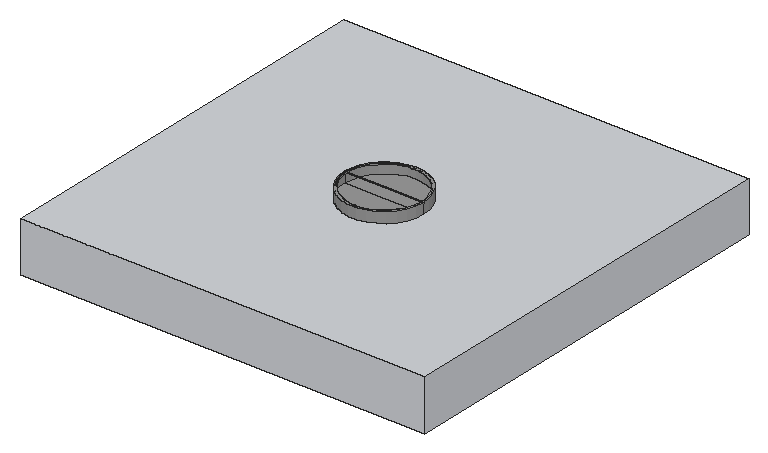
Revit family "LAMP_MUN LIGHT 480 DOWNLIGHT", category Modelos genéricos, Revit 2015
Parameters (values of type "2311LM 3000 WHITE")
  Weight = 6.80 kg
  Type = "LOW POWER OSRAM"
  Protection rating = "IP20 / IK08"
  Product datasheet = "http://www.lamp.es/product-files/TECH/ML1480SF25830NW-EN.pdf"
  Product code = "ML1480SF25830NW"
  Product URL = "https://www.lamp.es/en/family/mun-light_33332"
  Power Supply = "220-240V 50-60Hz"
  Power = 20 W
  Plum = 23.2 W
  Photometric web file = Cuerpo Mun light 480 : 2311LM 3000 WHITE
  Modelo = Product code  # "ML1480SF25830NW"
  Manufacturer name = "LAMP"
  Manufacturer country = "Spain"
  Manufacturer URL = "http://www.lamp.es/en"
  MacAdam = "<3"
  Luminaire type = "Indoor - Downlight"
  Last update = "11/11/2020"
  Lamp = "LOW POWER LED"
  LED Lifetime = "50.000 L80 B10"
  Insulation class = "I"
  Installation instructions = "https://www.lamp.es/product-files/INS/1004130-C-MUN%20LIGHT.pdf"
  Initial intensity = 2311 lm
  Initial color = 3000 K
  IEE = "A+"
  Height = 64 mm
  Gear = "Electronic"
  Finish = "Texturised matte white"
  Fabricante = Manufacturer name  # "LAMP"
  Default Elevation = 1219.2 mm
  Efficacy = 99.6 lm/W
  Diameter = 480 mm
  Descripción = "MUN LIGHT SUR Ø480 2500 WW WH."
  CRI = "80"
Types (8, lengths in mm): name | Type | Product datasheet | Product code | Power | Plum | Modelo | Lamp | Initial intensity | Initial color | Finish | Efficacy | Descripción
  2181LM 4000 GRAPHITE | "LOW POWER OSRAM" | "http://www.lamp.es/product-files/TECH/ML1480SF25840NB-EN.pdf" | "ML1480SF25840NB" | 20 W | 23.2 W | "ML1480SF25840NB" | "LOW POWER LED" | 2181 lm | 4000 K | "Texturised matte graphite" | 94 lm/W | "MUN LIGHT SUR Ø480 2500 NW GRH."
  2181LM 3000 GRAPHITE | "LOW POWER OSRAM" | "http://www.lamp.es/product-files/TECH/ML1480SF25830NB-EN.pdf" | "ML1480SF25830NB" | 20 W | 23.2 W | "ML1480SF25830NB" | "LOW POWER LED" | 2181 lm | 3000 K | "Texturised matte graphite" | 94 lm/W | "MUN LIGHT SUR Ø480 2500 WW GRH."
  2311LM 4000 WHITE | "LOW POWER OSRAM" | "http://www.lamp.es/product-files/TECH/ML1480SF25840NW-EN.pdf" | "ML1480SF25840NW" | 20 W | 23.2 W | "ML1480SF25840NW" | "LOW POWER LED" | 2311 lm | 4000 K | "Texturised matte white" | 99.6 lm/W | "MUN LIGHT SUR Ø480 2500 NW WH."
  2311LM 3000 WHITE | "LOW POWER OSRAM" | "http://www.lamp.es/product-files/TECH/ML1480SF25830NW-EN.pdf" | "ML1480SF25830NW" | 20 W | 23.2 W | "ML1480SF25830NW" | "LOW POWER LED" | 2311 lm | 3000 K | "Texturised matte white" | 99.6 lm/W | "MUN LIGHT SUR Ø480 2500 WW WH."
  4317LM 4000 GRAPHITE | "MID POWER OSRAM" | "http://www.lamp.es/product-files/TECH/ML1480SF40840NB-EN.pdf" | "ML1480SF40840NB" | 59 W | 61.9 W | "ML1480SF40840NB" | "MID-POWER LED" | 4317 lm | 4000 K | "Texturised matte graphite" | 69.7 lm/W | "MUN LIGHT SUR Ø480 4000 NW GRH."
  4317LM 3000 GRAPHITE | "MID POWER OSRAM" | "http://www.lamp.es/product-files/TECH/ML1480SF40830NB-EN.pdf" | "ML1480SF40830NB" | 59 W | 61.9 W | "ML1480SF40830NB" | "MID-POWER LED" | 4317 lm | 3000 K | "Texturised matte graphite" | 69.7 lm/W | "MUN LIGHT SUR Ø480 4000 WW GRH."
  4576LM 4000 WHITE | "MID POWER OSRAM" | "http://www.lamp.es/product-files/TECH/ML1480SF40840NW-EN.pdf" | "ML1480SF40840NW" | 59 W | 61.9 W | "ML1480SF40840NW" | "MID-POWER LED" | 4576 lm | 4000 K | "Texturised matte white" | 73.9 lm/W | "MUN LIGHT SUR Ø480 4000 NW WH."
  4576LM 3000 WHITE | "MID POWER OSRAM" | "http://www.lamp.es/product-files/TECH/ML1480SF40830NW-EN.pdf" | "ML1480SF40830NW" | 59 W | 61.9 W | "ML1480SF40830NW" | "MID-POWER LED" | 4576 lm | 3000 K | "Texturised matte white" | 73.9 lm/W | "MUN LIGHT SUR Ø480 4000 WW WH."
Reference planes
  plane 1 "Centro (Frontal/Posterior)": y = 0
  plane 2: z = 0
  plane 3 "Centro (Izquierda/Derecha)": x = 0
Forms (mm)
  Extrusion 1, solid
    sketch origin (0, 0, 0) x (1, 0, 0) y (0, 1, 0)
      loop
        line (-1219.2, 1219.2) -> (-1219.2, -1219.2) -> (1219.2, -1219.2) -> (1219.2, 1219.2) -> (-1219.2, 1219.2)
    from 0 to -304.8
Text (mm)
  text "Any modification of the parameters and properties of the LAMP BIM models must be executed and validated by the LAMP technical department.\n\nPhone: +34 93 736 68 00\n\nE-mail: lamp@lamp.es\n\n\n\nLAMP reserves the right to modify the technical specifications of its products." at (-15492.71, 16659.733, -13643.08), in view "Preview"
Dimensions and locks
  aligned and locked: plane 2 to Extrusion 1
  aligned and locked: level to Extrusion 1
Nested families
  nested 1: "Cuerpo Mun light 480" at (0, 0, 1564) x (1, 0, 0) z (0, 0, -1), type <- "Photometric web file", type "2311LM 3000 WHITE"
Connectors
  electrical at (0, 0, 0)
    settings: on nested 1, index 1, voltage 230 V, apparent load 0 VA, apparent load phase1 0 VA, apparent load phase2 0 VA, apparent load phase3 0 VA, power factor 1, load classification "Otro", number of poles 1, system type 31, power factor state 1, is connector primary yes, connector utility no, sub classification motor no, connector description ""
Definition of nested family "Cuerpo Mun light 480"
  Parameters (values of type "2181LM 3000 GRAPHITE")
    Tilt Angle = 90.00°
    Wattage = 23.2 W
    built-in parameter 1150110 = 1 (stored number, unit not read)
    Material difusor = none
    Material cuerpo = none
    built-in parameter 1114217 = 1 (stored number, unit not read)
    built-in parameter 1150109 = 1 (stored number, unit not read)
    Default Elevation = 1219.2 mm
    Diametro interior 2 = 224.5 mm
    Diametro interior 1 = 238.5 mm
    Diametro difusor = 230.5 mm
    built-in parameter 1150134 = (empty or 0)
    built-in parameter 1150113 = 1 (stored number, unit not read)
    Lumens = 2180.8 lm
    built-in parameter 1150115 = 1 (stored number, unit not read)
    built-in parameter 1150105 = 745.78 (stored number, unit not read)
    built-in parameter 1150137 = (empty or 0)
    built-in parameter 1150139 = (empty or 0)
    built-in parameter 1150112 = 1 (stored number, unit not read)
    built-in parameter 1150114 = 1 (stored number, unit not read)
    built-in parameter 1150132 = 2
    built-in parameter 1150102 = (empty or 0)
    built-in parameter 1150138 = (empty or 0)
    built-in parameter 1150107 = 3000 (stored number, unit not read)
    built-in parameter 1150106 = 7.4578 (stored number, unit not read)
    built-in parameter 1150104 = 8.7329 (stored number, unit not read)
    Dimming Lamp Color Temperature Shift = (empty or 0)
    Color Filter = 16777215
    built-in parameter 1114218 = 1 (stored number, unit not read)
    Photometric Web File = "10540012.IES"
    built-in parameter 1150133 = 10 (stored number, unit not read)
  Types (4, lengths in mm): name | built-in parameter 1150134 | Lumens | built-in parameter 1150105 | built-in parameter 1150107 | built-in parameter 1150106 | built-in parameter 1150104 | Photometric Web File
    2181LM 4000 GRAPHITE | 12 | 2180.8 lm | 745.78 (stored number, unit not read) | 4000 (stored number, unit not read) | 7.4578 (stored number, unit not read) | 8.7329 (stored number, unit not read) | "10540012.IES"
    2181LM 3000 GRAPHITE | (empty or 0) | 2180.8 lm | 745.78 (stored number, unit not read) | 3000 (stored number, unit not read) | 7.4578 (stored number, unit not read) | 8.7329 (stored number, unit not read) | "10540012.IES"
    2311LM 4000 WHITE | 12 | 2310.72 lm | 790.48 (stored number, unit not read) | 4000 (stored number, unit not read) | 7.9048 (stored number, unit not read) | 9.2531 (stored number, unit not read) | "10540010.IES"
    2311LM 3000 WHITE | (empty or 0) | 2310.72 lm | 790.48 (stored number, unit not read) | 3000 (stored number, unit not read) | 7.9048 (stored number, unit not read) | 9.2531 (stored number, unit not read) | "10541010.IES"
  Reference planes
    plane 1 "Eje de origen de luz (F/P)": y = 0
    plane 2: z = 0
    plane 3 "Eje de origen de luz (I/D)": x = 0
    plane 4 "Elevación de origen de luz": z = 1500
  Forms (mm)
    Revolve 1, solid, material <- "Material cuerpo"
      sketch origin (0, 0, 0) x (1, 0, 0) y (0, 0, 1)
        loop
          line (224.5, 1500) -> (240, 1500) -> (240, 1564) -> (0, 1564) -> (0, 1562.5) -> (238.5, 1562.5) -> (238.5, 1501.5) -> (224.5, 1501.5) -> (224.5, 1500)
        axis (0, 1564) -> (0, 1500)
      angle from 0 to 360
    Revolve 2, solid, material <- "Material difusor"
      sketch origin (0, 0, 0) x (1, 0, 0) y (0, 0, 1)
        loop
          line (0, 1501.5) -> (230.5, 1501.5) -> (230.5, 1504.5) -> (0, 1504.5) -> (0, 1501.5)
        axis (0, 1504.5) -> (0, 1501.5)
      angle from 0 to 360
    Extrusion 3, solid, material <- "Material cuerpo"
      sketch origin (0.425, 376.628, 0) x (-1, 0, 0) y (0, -1, 0)
        loop
          line (-8.572, 148.16) -> (-8.572, 141.872)
          arc (-8.572, 141.872) -> (-8.222, 141.522) -> (-7.872, 141.872) r 0.35
          line (-7.872, 141.872) -> (-7.872, 147.667) -> (-6.665, 147.667) -> (-4.718, 142.006)
          arc (-4.718, 142.006) -> (-4.092, 141.559) -> (-3.465, 142.006) r 0.663
          line (-3.465, 142.006) -> (-1.68, 147.197)
          arc (-1.68, 147.197) -> (-1.234, 147.463) -> (-0.899, 147.067) r 0.401
          line (-0.899, 147.067) -> (-0.899, 142.203)
          arc (-0.899, 142.203) -> (-0.391, 141.498) -> (0.439, 141.755) r 0.744
          line (0.439, 141.755) -> (1.555, 142.871) -> (2.672, 141.755)
          arc (2.672, 141.755) -> (3.502, 141.498) -> (4.009, 142.203) r 0.744
          line (4.009, 142.203) -> (4.009, 147.429) -> (5.378, 147.429) -> (5.378, 141.559) -> (8.876, 141.559) -> (8.876, 144.707) -> (6.509, 144.707)
          arc (6.509, 144.707) -> (6.159, 144.358) -> (6.509, 144.008) r 0.35
          line (6.509, 144.008) -> (8.176, 144.008) -> (8.176, 142.259) -> (6.077, 142.259) -> (6.077, 148.16) -> (3.298, 148.16) -> (3.298, 142.303) -> (1.555, 144.045) -> (-0.187, 142.303) -> (-0.187, 148.115) -> (-2.104, 148.115) -> (-4.092, 142.338) -> (-6.095, 148.16) -> (-8.572, 148.16)
      from 1499 to 1500
  Dimensions and locks
    "Diametro interior 2": Revolve 1 sketch curve to plane 3 "Eje de origen de luz (I/D)"
    locked: Revolve 1 sketch curve to Revolve 1 sketch curve at 1.5
    "Diametro interior 1": Revolve 1 sketch curve to plane 3 "Eje de origen de luz (I/D)"
    "Diametro difusor": Revolve 2 sketch curve to plane 3 "Eje de origen de luz (I/D)"
    aligned and locked: plane 3 "Eje de origen de luz (I/D)" to imposter light
    aligned and locked: plane 1 "Eje de origen de luz (F/P)" to imposter light
    aligned and locked: plane 4 "Elevación de origen de luz" to imposter light
    aligned and locked: level to plane 2
  Automatic sketch dimensions
    Extrusion 3 sketch curve to plane 3 "Eje de origen de luz (I/D)" = 8.997 mm
    Extrusion 3 sketch curve to Extrusion 3 sketch curve = 0.35 mm  (x2)
    Extrusion 3 sketch curve to Extrusion 3 sketch curve = 1.207 mm
    Extrusion 3 sketch curve to Extrusion 3 sketch curve = 0.57 mm
    Extrusion 3 sketch curve to Extrusion 3 sketch curve = 3.154 mm
    Extrusion 3 sketch curve to Extrusion 3 sketch curve = 0.627 mm  (x2)
    Extrusion 3 sketch curve to Extrusion 3 sketch curve = 0 mm  (x2)
    Extrusion 3 sketch curve to plane 3 "Eje de origen de luz (I/D)" = 2.529 mm
    Extrusion 3 sketch curve to Extrusion 3 sketch curve = 0.424 mm
    Extrusion 3 sketch curve to Extrusion 3 sketch curve = 0.38 mm
    Extrusion 3 sketch curve to Extrusion 3 sketch curve = 0.401 mm
    Extrusion 3 sketch curve to plane 3 "Eje de origen de luz (I/D)" = 0.612 mm
    Extrusion 3 sketch curve to Extrusion 3 sketch curve = 0.032 mm
    plane 3 "Eje de origen de luz (I/D)" to Extrusion 3 sketch curve = 0.014 mm
    plane 3 "Eje de origen de luz (I/D)" to Extrusion 3 sketch curve = 1.131 mm  (x2)
    Extrusion 3 sketch curve to Extrusion 3 sketch curve = 1.116 mm
    Extrusion 3 sketch curve to Extrusion 3 sketch curve = 0.594 mm
    plane 3 "Eje de origen de luz (I/D)" to Extrusion 3 sketch curve = 2.873 mm
    Extrusion 3 sketch curve to Extrusion 3 sketch curve = 0.712 mm
    Extrusion 3 sketch curve to Extrusion 3 sketch curve = 1.368 mm
    Extrusion 3 sketch curve to Extrusion 3 sketch curve = 0.7 mm  (x3)
    Extrusion 3 sketch curve to Extrusion 3 sketch curve = 0.432 mm
    Extrusion 3 sketch curve to Extrusion 3 sketch curve = 1.667 mm
    plane 1 "Eje de origen de luz (F/P)" to Extrusion 3 sketch curve = 228.468 mm
    Extrusion 3 sketch curve to Extrusion 3 sketch curve = 0.044 mm
    Extrusion 3 sketch curve to Extrusion 3 sketch curve = 0.493 mm
    Extrusion 3 sketch curve to Extrusion 3 sketch curve = 0.731 mm
    Extrusion 3 sketch curve to Extrusion 3 sketch curve = 0.918 mm
    Extrusion 3 sketch curve to Extrusion 3 sketch curve = 2.722 mm
    Extrusion 3 sketch curve to Extrusion 3 sketch curve = 3.021 mm
    Extrusion 3 sketch curve to Extrusion 3 sketch curve = 1.174 mm
    Extrusion 3 sketch curve to Extrusion 3 sketch curve = 4.859 mm
    Extrusion 3 sketch curve to Extrusion 3 sketch curve = 0.568 mm
    Extrusion 3 sketch curve to Extrusion 3 sketch curve = 1.749 mm
    Extrusion 3 sketch curve to Extrusion 3 sketch curve = 0.117 mm
    Extrusion 3 sketch curve to Extrusion 3 sketch curve = 0.1 mm
    Extrusion 3 sketch curve to Extrusion 3 sketch curve = 0.215 mm
    Extrusion 3 sketch curve to Extrusion 3 sketch curve = 0.134 mm
    Revolve 1 sketch curve to plane 3 "Eje de origen de luz (I/D)" = 0 mm  (x2)
    Revolve 1 sketch curve to plane 4 "Elevación de origen de luz" = 0 mm
    Revolve 1 sketch curve to plane 4 "Elevación de origen de luz" = 1.5 mm
    Revolve 1 sketch curve to Revolve 1 sketch curve = 61 mm
    Revolve 1 sketch curve to Revolve 1 sketch curve = 1.5 mm
    Revolve 1 sketch curve to level = 271.696 mm
    Revolve 1 sketch curve to Revolve 1 sketch curve = 138.626 mm
    Revolve 2 sketch curve to plane 3 "Eje de origen de luz (I/D)" = 0 mm  (x2)
    Revolve 2 sketch curve to plane 4 "Elevación de origen de luz" = 1.5 mm
    Revolve 2 sketch curve to Revolve 2 sketch curve = 3 mm
    Revolve 2 sketch curve to level = 271.696 mm
    Revolve 2 sketch curve to Revolve 2 sketch curve = 198.126 mm
